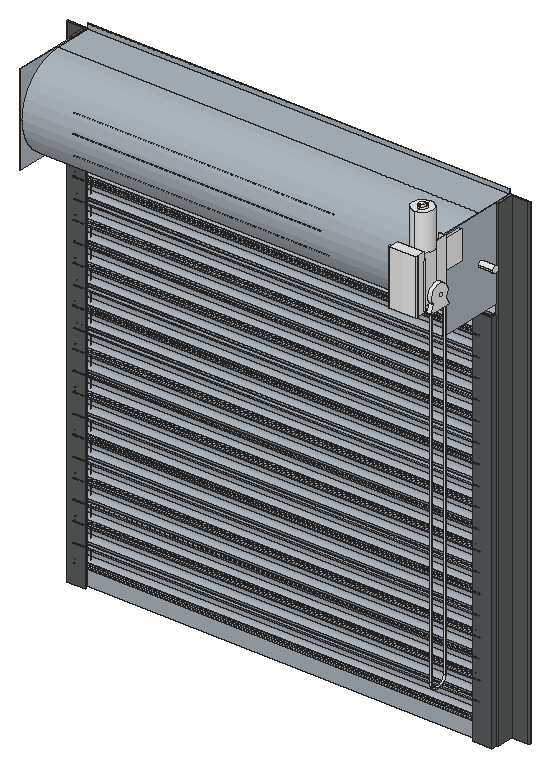
Revit family "Doors_Industrial_Wayne-Dalton_Tornado-Resistant-Shelter-Door-800F_", category Specialty Equipment, host Wall, Revit 2019 (continued)
Definition of nested family "610F"
  Forms (in)
    Extrusion 1, solid, material <- "Panel Material"
      sketch origin (0, -4.98186, 18.03575) x (0, 1, 0) y (0, 0, 1)
        loop
          arc (5.22797, -10.7462) -> (6.0686, -10.12901) -> (6.41479, -9.14527) r 1.76704
          arc (6.41479, -9.14527) -> (6.37372, -8.27547) -> (6.1844, -7.42553) r 5.06884
          arc (6.1844, -7.42553) -> (5.94264, -7.02466) -> (5.54432, -6.77873) r 0.99486
          arc (5.54432, -6.77873) -> (5.26621, -6.60372) -> (5.1038, -6.31807) r 0.67448
          arc (5.1038, -6.31807) -> (5.58774, -6.46687) -> (5.95602, -6.11945) r 0.50309
          arc (5.95602, -6.11945) -> (5.8503, -5.5103) -> (5.30212, -5.22441) r 0.69757
          arc (5.30212, -5.22441) -> (5.06799, -5.01981) -> (5.22797, -4.7532) r 0.24232
          arc (5.22797, -4.7532) -> (6.0686, -4.136) -> (6.41479, -3.15227) r 1.76704
          arc (6.41479, -3.15227) -> (6.37372, -2.28247) -> (6.1844, -1.43253) r 5.06884
          arc (6.1844, -1.43253) -> (5.94264, -1.03166) -> (5.54432, -0.78573) r 0.99486
          arc (5.54432, -0.78573) -> (5.26621, -0.61072) -> (5.1038, -0.32507) r 0.67448
          arc (5.1038, -0.32507) -> (5.96009, -0.08908) -> (5.14423, 0.26204) r 0.47069
          arc (5.14423, 0.26204) -> (4.98628, -0.3629) -> (5.42353, -0.83652) r 0.67657
          arc (5.42353, -0.83652) -> (5.86585, -1.12411) -> (6.11827, -1.58739) r 1.07588
          arc (6.11827, -1.58739) -> (6.26595, -2.36718) -> (6.3129, -3.15945) r 6.20586
          arc (6.3129, -3.15945) -> (6.00497, -4.09596) -> (5.20687, -4.67466) r 1.60144
          arc (5.20687, -4.67466) -> (4.98511, -5.03038) -> (5.29733, -5.31008) r 0.32578
          arc (5.29733, -5.31008) -> (5.67797, -5.45412) -> (5.8903, -5.80132) r 0.62781
          arc (5.8903, -5.80132) -> (5.53471, -5.58115) -> (5.14423, -5.73096) r 0.47069
          arc (5.14423, -5.73096) -> (4.98628, -6.35591) -> (5.42353, -6.82953) r 0.67657
          arc (5.42353, -6.82953) -> (5.86585, -7.11711) -> (6.11827, -7.5804) r 1.07588
          arc (6.11827, -7.5804) -> (6.26595, -8.36019) -> (6.3129, -9.15245) r 6.20586
          arc (6.3129, -9.15245) -> (6.00497, -10.08896) -> (5.20687, -10.66766) r 1.60144
          arc (5.20687, -10.66766) -> (4.98511, -11.02339) -> (5.29733, -11.30309) r 0.32578
          arc (5.29733, -11.30309) -> (5.67797, -11.44712) -> (5.8903, -11.79432) r 0.62781
          arc (5.8903, -11.79432) -> (5.53471, -11.57415) -> (5.14423, -11.72397) r 0.47069
          arc (5.14423, -11.72397) -> (4.98628, -12.34891) -> (5.42353, -12.82253) r 0.67657
          arc (5.42353, -12.82253) -> (5.86585, -13.11012) -> (6.11827, -13.5734) r 1.07588
          arc (6.11827, -13.5734) -> (6.26595, -14.35319) -> (6.3129, -15.14545) r 6.20586
      from -61.8125 to 61.8125
  Lines and regions (in)
    reference lines
      curve 1: line (0, -4.98186, 17.979) -> (0, 10.8957, 17.979)
  Dimensions and locks (in)
    equal spacing: plane 4, plane 3 "Center (Left/Right)", plane 5
    "Opening Width": plane 4 to plane 5
    "Slat Width": plane 1 "Center (Front/Back)" to plane 6
    equal spacing: plane 1 "Center (Front/Back)", plane 8, plane 6
    "Slat Position": curve 1 to level
    aligned and locked: plane 2 to level
    aligned and locked: plane 1 "Center (Front/Back)" to plane 7
    aligned and locked: plane 5 to Extrusion 1
    aligned and locked: plane 4 to Extrusion 1
  Automatic sketch dimensions
    plane 1 "Center (Front/Back)" to curve 1 = 4.98186"
    curve 1 to plane 6 = 9.4577"
    curve 1 to Extrusion 1 sketch curve = 0.10711"  (x3)
    Extrusion 1 sketch curve to Extrusion 1 sketch curve = 1.24265"  (x3)
    Extrusion 1 sketch curve to Extrusion 1 sketch curve = 3.29932"  (x3)
    Extrusion 1 sketch curve to Extrusion 1 sketch curve = 0.0624"  (x3)
    Extrusion 1 sketch curve to Extrusion 1 sketch curve = 0.42706"  (x3)
    Extrusion 1 sketch curve to Extrusion 1 sketch curve = 0.15937"  (x3)
    Extrusion 1 sketch curve to Extrusion 1 sketch curve = 0.04195"  (x2)
    curve 1 to Extrusion 1 sketch curve = 5.88083"
    Extrusion 1 sketch curve to Extrusion 1 sketch curve = 0.56597"
    Extrusion 1 sketch curve to Extrusion 1 sketch curve = 0.00942"
    Extrusion 1 sketch curve to Extrusion 1 sketch curve = 0.00958"  (x2)
    Extrusion 1 sketch curve to Extrusion 1 sketch curve = 0.02032"  (x2)
    Extrusion 1 sketch curve to Extrusion 1 sketch curve = 0.02049"
    Extrusion 1 sketch curve to Extrusion 1 sketch curve = 0.00028"  (x3)
    Extrusion 1 sketch curve to Extrusion 1 sketch curve = 0.18651"
    Extrusion 1 sketch curve to Extrusion 1 sketch curve = 0.20024"
    Extrusion 1 sketch curve to Extrusion 1 sketch curve = 0.00341"
    Extrusion 1 sketch curve to Extrusion 1 sketch curve = 0.25501"
    Extrusion 1 sketch curve to Extrusion 1 sketch curve = 0.01698"
    Extrusion 1 sketch curve to Extrusion 1 sketch curve = 0.20349"
    Extrusion 1 sketch curve to Extrusion 1 sketch curve = 0.15147"  (x3)
    Extrusion 1 sketch curve to Extrusion 1 sketch curve = 0.11169"  (x3)
    Extrusion 1 sketch curve to Extrusion 1 sketch curve = 0.03933"
    Extrusion 1 sketch curve to Extrusion 1 sketch curve = 0.07284"
    Extrusion 1 sketch curve to Extrusion 1 sketch curve = 0.08781"  (x2)
    Extrusion 1 sketch curve to Extrusion 1 sketch curve = 0.05163"  (x3)
    curve 1 to Extrusion 1 sketch curve = 7.6677"
    Extrusion 1 sketch curve to Extrusion 1 sketch curve = 0.12333"  (x3)
    Extrusion 1 sketch curve to curve 1 = 8.89176"
    Extrusion 1 sketch curve to Extrusion 1 sketch curve = 1.2289"  (x3)
    Extrusion 1 sketch curve to curve 1 = 9.06596"
    Extrusion 1 sketch curve to Extrusion 1 sketch curve = 0.06809"  (x3)
    Extrusion 1 sketch curve to Extrusion 1 sketch curve = 1.83037"  (x3)
    Extrusion 1 sketch curve to Extrusion 1 sketch curve = 0.00232"  (x3)
    Extrusion 1 sketch curve to Extrusion 1 sketch curve = 0.94498"
    Extrusion 1 sketch curve to Extrusion 1 sketch curve = 0.00814"
    Extrusion 1 sketch curve to Extrusion 1 sketch curve = 0.09114"
    Extrusion 1 sketch curve to Extrusion 1 sketch curve = 0.02917"
    Extrusion 1 sketch curve to Extrusion 1 sketch curve = 1.53525"  (x2)
    Extrusion 1 sketch curve to curve 1 = 14.88477"
    Extrusion 1 sketch curve to curve 1 = 15.05896"
    Extrusion 1 sketch curve to Extrusion 1 sketch curve = 0.93734"  (x2)
    Extrusion 1 sketch curve to Extrusion 1 sketch curve = 0.01577"  (x2)
    Extrusion 1 sketch curve to Extrusion 1 sketch curve = 0.12795"
    Extrusion 1 sketch curve to curve 1 = 3.07295"
    Extrusion 1 sketch curve to Extrusion 1 sketch curve = 0.17419"
    Extrusion 1 sketch curve to Extrusion 1 sketch curve = 0.13944"
    Extrusion 1 sketch curve to Extrusion 1 sketch curve = 0.17365"  (x2)
    Extrusion 1 sketch curve to Extrusion 1 sketch curve = 99/256"
    Extrusion 1 sketch curve to Extrusion 1 sketch curve = 0.14264"
    Extrusion 1 sketch curve to Extrusion 1 sketch curve = 0.34629"
    Extrusion 1 sketch curve to Extrusion 1 sketch curve = 0"  (x28)
    Extrusion 1 sketch curve to Extrusion 1 sketch curve = 0.14281"
    Extrusion 1 sketch curve to Extrusion 1 sketch curve = 0.10049"  (x3)
    Extrusion 1 sketch curve to Extrusion 1 sketch curve = 0.02111"  (x3)
    Extrusion 1 sketch curve to Extrusion 1 sketch curve = 0.12078"
    curve 1 to Extrusion 1 sketch curve = 6.72198"
Definition of nested family "Label Annotation 1"
  Parameters (values of type "Label Annotation 1-8")
    Label = "Area is too big. Please reduce Door Size."
  Reference planes (in)
    plane 1: y = 0
    plane 2: x = 0
  Text (in)
    label "Label" at (0.00375, -0.00345, 0), shows "Label"
Definition of nested family "Warning Sign"
  Parameters (values of type "Warning Sign")
    Warning Sign [instance] = no
    Default Elevation = 48"
  Reference planes (in)
    plane 1 "Center (Front/Back)": y = 0
    plane 2: z = 0
    plane 3 "Center (Left/Right)": x = 0
    plane 4: y = 0.5
    plane 5: y = -0.5
    plane 6: y = 1
    plane 7: y = 0.25
  Lines and regions (in)
    model lines
      curve 1: line (-2.26129, 1, 45.69444) -> (-26.3817, 1, 3.91667)
      curve 2: line (-25.25106, 1, 3.26389) -> (-1.13064, 1, 45.04167)
      curve 3: arc (2.26129, 1, 45.69444) -> (0, 1, 47) -> (-2.26129, 1, 45.69444) r 2.61111
      curve 4: arc (-1.13064, 1, 45.04167) -> (0, 1, 45.69444) -> (1.13064, 1, 45.04167) r 1.30556
      curve 5: line (1.13064, 1, 45.04167) -> (25.25106, 1, 3.26389)
      curve 6: line (26.3817, 1, 3.91667) -> (2.26129, 1, 45.69444)
      curve 7: arc (25.25106, 1, 3.26389) -> (25.25106, 1, 1.95833) -> (24.12041, 1, 1.30556) r 1.30556
      curve 8: arc (24.12041, 1, 0) -> (26.3817, 1, 1.30556) -> (26.3817, 1, 3.91667) r 2.61111
      curve 9: line (24.12041, 1, 1.30556) -> (-24.12041, 1, 1.30556)
      curve 10: line (-24.12041, 1, 0) -> (24.12041, 1, 0)
      curve 11: arc (-24.12041, 1, 1.30556) -> (-25.25106, 1, 1.95833) -> (-25.25106, 1, 3.26389) r 1.30556
      curve 12: arc (-26.3817, 1, 3.91667) -> (-26.3817, 1, 1.30556) -> (-24.12041, 1, 0) r 2.61111
      curve 13: arc (-2.29479, 1, 8.63537) -> (0, 1, 6.34057) -> (2.29479, 1, 8.63537) r 2.29479
      curve 14: arc (2.29479, 1, 8.63537) -> (0, 1, 10.93016) -> (-2.29479, 1, 8.63537) r 2.29479
      curve 15: arc (-1.6331, 1, 13.97069) -> (0.03439, 1, 12.53727) -> (1.69278, 1, 13.98121) r 1.68043
      curve 16: line (-3.77413, 1, 28.37873) -> (-1.6331, 1, 13.97069)
      curve 17: line (1.69278, 1, 13.98121) -> (3.73924, 1, 28.37873)
      curve 18: arc (3.73924, 1, 28.37873) -> (-0.01745, 1, 32.13541) -> (-3.77413, 1, 28.37873) r 3.75668
      curve 19: line (-2.26129, -0.5, 45.69444) -> (-26.3817, -0.5, 3.91667)
      curve 20: line (-25.25106, -0.5, 3.26389) -> (-1.13064, -0.5, 45.04167)
      curve 21: arc (2.26129, -0.5, 45.69444) -> (0, -0.5, 47) -> (-2.26129, -0.5, 45.69444) r 2.61111
      curve 22: arc (-1.13064, -0.5, 45.04167) -> (0, -0.5, 45.69444) -> (1.13064, -0.5, 45.04167) r 1.30556
      curve 23: line (1.13064, -0.5, 45.04167) -> (25.25106, -0.5, 3.26389)
      curve 24: line (26.3817, -0.5, 3.91667) -> (2.26129, -0.5, 45.69444)
      curve 25: arc (25.25106, -0.5, 3.26389) -> (25.25106, -0.5, 1.95833) -> (24.12041, -0.5, 1.30556) r 1.30556
      curve 26: arc (24.12041, -0.5, 0) -> (26.3817, -0.5, 1.30556) -> (26.3817, -0.5, 3.91667) r 2.61111
      curve 27: line (24.12041, -0.5, 1.30556) -> (-24.12041, -0.5, 1.30556)
      curve 28: line (-24.12041, -0.5, 0) -> (24.12041, -0.5, 0)
      curve 29: arc (-24.12041, -0.5, 1.30556) -> (-25.25106, -0.5, 1.95833) -> (-25.25106, -0.5, 3.26389) r 1.30556
      curve 30: arc (-26.3817, -0.5, 3.91667) -> (-26.3817, -0.5, 1.30556) -> (-24.12041, -0.5, 0) r 2.61111
      curve 31: arc (-2.29479, -0.5, 8.63537) -> (0, -0.5, 6.34057) -> (2.29479, -0.5, 8.63537) r 2.29479
      curve 32: arc (2.29479, -0.5, 8.63537) -> (0, -0.5, 10.93016) -> (-2.29479, -0.5, 8.63537) r 2.29479
      curve 33: arc (-1.6331, -0.5, 13.97069) -> (0.03439, -0.5, 12.53727) -> (1.69278, -0.5, 13.98121) r 1.68043
      curve 34: line (-3.77413, -0.5, 28.37873) -> (-1.6331, -0.5, 13.97069)
      curve 35: line (1.69278, -0.5, 13.98121) -> (3.73924, -0.5, 28.37873)
      curve 36: arc (3.73924, -0.5, 28.37873) -> (-0.01745, -0.5, 32.13541) -> (-3.77413, -0.5, 28.37873) r 3.75668
  Dimensions and locks (in)
    locked: plane 1 "Center (Front/Back)" to plane 4 at 0.5
    equal spacing: plane 1 "Center (Front/Back)", plane 7, plane 4
    locked: plane 4 to plane 6 at 0.5
    locked: plane 5 to plane 1 "Center (Front/Back)" at 0.5
    aligned and locked: plane 2 to level
  Automatic sketch dimensions
    curve 21 to curve 22 = 0"  (x2)
    curve 25 to curve 26 = 0"  (x2)
    curve 29 to curve 30 = 0"  (x2)
    curve 31 to curve 32 = 0"  (x2)
    curve 21 to plane 3 "Center (Left/Right)" = 0"
    curve 31 to plane 3 "Center (Left/Right)" = 0"
    curve 30 to level = 0"
    level to curve 27 = 1.30556"
    curve 26 to curve 27 = 1.30556"
    curve 29 to curve 27 = 1.30556"
    curve 23 to curve 25 = 0.65278"
    curve 20 to curve 29 = 0.65278"
    curve 24 to curve 23 = 0.65278"
    curve 19 to curve 20 = 0.65278"
    level to curve 32 = 8.63537"
    curve 34 to plane 3 "Center (Left/Right)" = 1.6331"
    curve 34 to curve 31 = 5.33532"
    plane 3 "Center (Left/Right)" to curve 35 = 1.69278"
    curve 35 to curve 34 = 0.01052"
    plane 3 "Center (Left/Right)" to curve 33 = 0.02908"
    curve 36 to plane 3 "Center (Left/Right)" = 0.01745"
    curve 36 to curve 33 = 14.16104"
    curve 22 to curve 36 = 16.01016"
    plane 3 "Center (Left/Right)" to curve 23 = 1.13064"
    curve 23 to curve 21 = 0.65278"
    curve 20 to plane 3 "Center (Left/Right)" = 1.13064"
    plane 3 "Center (Left/Right)" to curve 24 = 2.26129"
    curve 24 to curve 22 = 0.65278"
    curve 19 to plane 3 "Center (Left/Right)" = 2.26129"
    curve 34 to curve 36 = 3.75668"
    curve 30 to plane 3 "Center (Left/Right)" = 24.12041"
    plane 3 "Center (Left/Right)" to curve 25 = 24.12041"
    curve 31 to curve 31 = 2.29479"
    curve 3 to curve 4 = 0"  (x2)
    curve 7 to curve 8 = 0"  (x2)
    curve 11 to curve 12 = 0"  (x2)
    curve 13 to curve 14 = 0"  (x2)
    curve 3 to plane 3 "Center (Left/Right)" = 0"
    curve 13 to plane 3 "Center (Left/Right)" = 0"
    curve 12 to level = 0"
    level to curve 9 = 1.30556"
    curve 8 to curve 9 = 1.30556"
    curve 11 to curve 9 = 1.30556"
    curve 5 to curve 7 = 0.65278"
    curve 2 to curve 11 = 0.65278"
    curve 6 to curve 5 = 0.65278"
    curve 1 to curve 2 = 0.65278"
    level to curve 14 = 8.63537"
    curve 16 to plane 3 "Center (Left/Right)" = 1.6331"
    curve 16 to curve 13 = 5.33532"
    plane 3 "Center (Left/Right)" to curve 17 = 1.69278"
    curve 17 to curve 16 = 0.01052"
    plane 3 "Center (Left/Right)" to curve 15 = 0.02908"
    curve 18 to plane 3 "Center (Left/Right)" = 0.01745"
    curve 18 to curve 15 = 14.16104"
    curve 4 to curve 18 = 16.01016"
    plane 3 "Center (Left/Right)" to curve 5 = 1.13064"
    curve 5 to curve 3 = 0.65278"
    curve 2 to plane 3 "Center (Left/Right)" = 1.13064"
    plane 3 "Center (Left/Right)" to curve 6 = 2.26129"
    curve 6 to curve 4 = 0.65278"
    curve 1 to plane 3 "Center (Left/Right)" = 2.26129"
    curve 16 to curve 18 = 3.75668"
    curve 12 to plane 3 "Center (Left/Right)" = 24.12041"
    plane 3 "Center (Left/Right)" to curve 7 = 24.12041"
    curve 13 to curve 13 = 2.29479"
Types (7): name | Voltage | Number of Poles | Apparent Load Phase 3 | Apparent Load Phase 2 | Apparent Load Phase 1
  115 volts, one phase, 60 Hz (110-120V range) | 115 V | 1 | 0 VA | 0 VA | 2300 VA
  230 volts, three phase, 60 Hz (208-245V range) | 230 V | 3 | 2655.81 VA | 2655.81 VA | 2655.81 VA
  230 volts, single phase, 60 Hz (208-245V range) | 230 V | 1 | 0 VA | 0 VA | 4600 VA
  460 volts, three phase, 60 Hz (456-495V range) | 460 V | 3 | 5311.62 VA | 5311.62 VA | 5311.62 VA
  208 volts, one phase, 60 Hz (190-207V range) | 208 V | 1 | 0 VA | 0 VA | 4160 VA
  208 volts, three phase, 60 Hz (190-207V range) | 208 V | 3 | 2401.78 VA | 2401.78 VA | 2401.78 VA
  575 volts, three phase, 60 Hz | 575 V | 3 | 6639.53 VA | 6639.53 VA | 6639.53 VA
